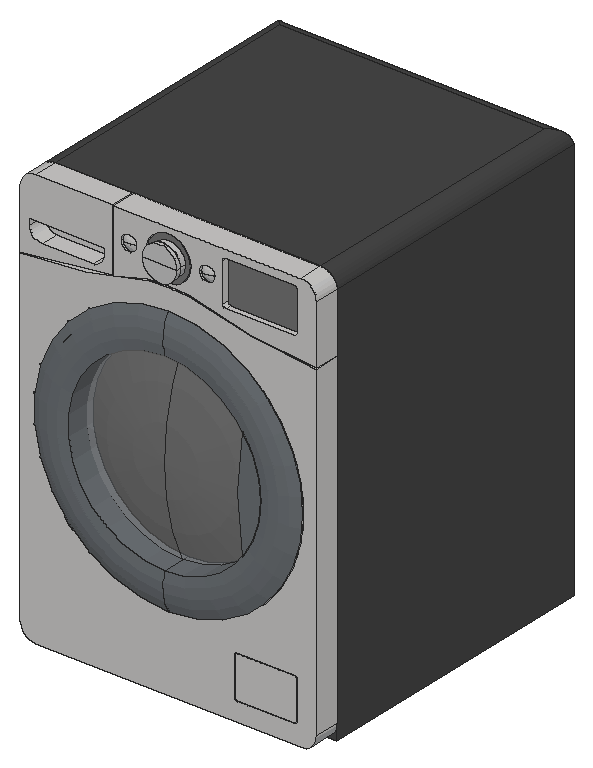
Revit family "M_Lavadora e secadora_combo", category Equipamento especial, Revit 2019
Family settings
  Cota do conector redondo = Utilizar diâmetro
  Tipo de parte = Normal
  Número OmniClass = 23.45.70.11.11
  Título OmniClass = Residential Laundry Equipment
  Com base no plano de trabalho = Não
  Sempre na vertical = Sim
  Corte com vazios quando carregada = Não
  Compartilhado = Não
  Ponto de cálculo do ambiente = Não
Parameters (values of type "600mm")
  Painel = Eletrodoméstico – Painel
  Janela da porta = Eletrodoméstico – Policarbonato
  Largura da porta = Largura / 2 - 5 mm  # 295 mm
  Largura = 600 mm
  Deslocamento de parede = 100 mm
  Voltagem = 120 V
  Mostrar legenda = yes
  Consumo de energia = 1200 VA
  Legenda = "Lavadora e secadora"
  Altura = 850 mm
  Moldura da porta = Eletrodoméstico – Moldura da porta
  Descrição = "Lavadora e secadora – combo"
  Linear = 650 mm
  Controles = Eletrodoméstico – Controles
  Código de montagem = "E1090320"
  Acabamento do eletrodoméstico = Eletrodoméstico – Aço inoxidável
  Corpo do eletrodoméstico = Eletrodoméstico – Aço – Preto
  Amperagem = Consumo de energia / Voltagem  # 10.0 A
Reference planes
  plane 1 "Parte posterior": y = 0
  plane 2: z = 0
  plane 3 "Centro (Esquerda/Direita)": x = 0
  plane 4 "Esquerda": x = -300
  plane 5 "Direita": x = 300
  plane 6: y = -100
  plane 7 "Parte frontal": y = -750
  plane 8 "Traseira da porta": y = -699.2
  plane 9 "Superior": z = 850
  plane 10: y = -1226.25
  plane 11 "Tambor CL": z = 425
  plane 12 "Ctrl": z = 792.207
  plane 13: y = -125.4
Forms (mm)
  Extrusion 1, solid, material "Eletrodoméstico – Aço – Preto" <- "Corpo do eletrodoméstico"
    sketch origin (0, 0, 0) x (1, 0, 0) y (0, 1, 0)
      loop
        line (-300, -100) -> (-300, -699.2) -> (300, -699.2) -> (300, -100) -> (-300, -100)
    from 0 to 850
  Extrusion 2, solid, material "Eletrodoméstico – Aço inoxidável" <- "Acabamento do eletrodoméstico"
    sketch origin (0, -750, 0) x (-1, 0, 0) y (0, 0, 1)
      loop
        line (268.25, 850) -> (-268.25, 850)
        arc (-268.25, 850) -> (-290.701, 840.701) -> (-300, 818.25) r 31.75
        line (-300, 818.25) -> (-300, 699.627)
        arc (-300, 699.627) -> (-169.353, 711.963) -> (-41.198, 740.194) r 1070.336
        arc (-41.198, 740.194) -> (0, 742.875) -> (41.198, 740.194) r 317.875
        arc (41.198, 740.194) -> (169.353, 711.963) -> (300, 699.627) r 1070.336
        line (300, 699.627) -> (300, 818.25)
        arc (300, 818.25) -> (290.701, 840.701) -> (268.25, 850) r 31.75
      loop
        line (300, 31.75) -> (300, 696.451)
        arc (300, 696.451) -> (168.962, 708.811) -> (40.421, 737.114) r 1073.511
        arc (40.421, 737.114) -> (0, 739.72) -> (-40.421, 737.114) r 314.72
        arc (-40.421, 737.114) -> (-168.962, 708.811) -> (-300, 696.451) r 1073.511
        line (-300, 696.451) -> (-300, 31.75)
        arc (-300, 31.75) -> (-290.701, 9.299) -> (-268.25, 0) r 31.75
        line (-268.25, 0) -> (268.25, 0)
        arc (268.25, 0) -> (290.701, 9.299) -> (300, 31.75) r 31.75
      loop
        circle (0, 425) r 254
      loop
        circle (79.375, 792.207) r 15.875
      loop
        circle (-79.375, 792.207) r 15.875
    from 0 to 50.8
  Revolve 3, solid, material "Eletrodoméstico – Moldura da porta" <- "Moldura da porta", detail levels medium+fine
    sketch origin (0, -108.65, 0) x (0, 1, 0) y (0, 0, 1)
      loop
        line (-590.55, 698.05) -> (-641.35, 698.05)
        arc (-641.35, 698.05) -> (-653.705, 659.916) -> (-651.53, 619.889) r 109.668
        line (-651.53, 619.889) -> (-590.55, 619.889) -> (-590.55, 698.05)
      axis (-590.55, 425) -> (-651.53, 425)
    angle from 0 to 360
  Revolve 4, solid, material "Eletrodoméstico – Policarbonato" <- "Janela da porta", detail levels medium+fine
    sketch origin (0, 0, 0) x (0, 1, 0) y (0, 0, 1)
      loop
        line (-699.2, 619.889) -> (-714.236, 619.889)
        arc (-714.236, 619.889) -> (-748.438, 525.1) -> (-760.044, 425) r 437.475
        line (-760.044, 425) -> (-699.2, 425) -> (-699.2, 619.889)
      axis (-699.2, 425) -> (-760.044, 425)
    angle from 0 to 360
  Sweep 5, void
    path origin (0, -750, 0) x (-1, 0, 0) y (0, 0, 1)
      loop
        line (-141.25, 127) -> (-255.55, 127)
        arc (-255.55, 127) -> (-260.04, 125.14) -> (-261.9, 120.65) r 6.35
        line (-261.9, 120.65) -> (-261.9, 44.45)
        arc (-261.9, 44.45) -> (-260.04, 39.96) -> (-255.55, 38.1) r 6.35
        line (-255.55, 38.1) -> (-141.25, 38.1)
        arc (-141.25, 38.1) -> (-136.76, 39.96) -> (-134.9, 44.45) r 6.35
        line (-134.9, 44.45) -> (-134.9, 120.65)
        arc (-134.9, 120.65) -> (-136.76, 125.14) -> (-141.25, 127) r 6.35
    profile origin (198.4, -750, 127) x (0, 0, -1) y (0, 1, 0)
      loop
        line (0, 0) -> (1.588, 0) -> (1.588, 13.494) -> (0, 13.494) -> (0, 0)
  Extrusion 6, void
    sketch origin (0, -750, 0) x (-1, 0, 0) y (0, 0, 1)
      loop
        line (280.95, 766.807) -> (128.55, 766.807) -> (128.55, 754.107)
        arc (128.55, 754.107) -> (135.989, 736.147) -> (153.95, 728.707) r 25.4
        line (153.95, 728.707) -> (255.55, 728.707)
        arc (255.55, 728.707) -> (273.511, 736.147) -> (280.95, 754.107) r 25.4
        line (280.95, 754.107) -> (280.95, 766.807)
    from 0 to 38.1
  Extrusion 7, void
    sketch origin (0, -750, 0) x (-1, 0, 0) y (0, 0, 1)
      loop
        line (111.652, 850) -> (110.064, 850) -> (110.064, 721.653) -> (111.652, 721.653) -> (111.652, 850)
    from 0 to 50.8
  Extrusion 8, void
    sketch origin (0, -750, 0) x (-1, 0, 0) y (0, 0, 1)
      loop
        arc (-115.85, 742.05) -> (-111.36, 743.91) -> (-109.5, 748.4) r 6.35
        line (-109.5, 748.4) -> (-109.5, 827.775)
        arc (-109.5, 827.775) -> (-111.36, 832.265) -> (-115.85, 834.125) r 6.35
        line (-115.85, 834.125) -> (-255.55, 834.125)
        arc (-255.55, 834.125) -> (-260.04, 832.265) -> (-261.9, 827.775) r 6.35
        line (-261.9, 827.775) -> (-261.9, 748.4)
        arc (-261.9, 748.4) -> (-260.04, 743.91) -> (-255.55, 742.05) r 6.35
        line (-255.55, 742.05) -> (-115.85, 742.05)
    from 0 to 12.7
  Revolve 9, solid, material "Eletrodoméstico – Controles" <- "Controles", detail levels fine
    sketch origin (0, 0, 792.207) x (-1, 0, 0) y (0, -1, 0)
      loop
        line (0, 743.65) -> (33.337, 743.65) -> (33.337, 761.57) -> (31.75, 761.57) -> (31.75, 764.745) -> (34.925, 764.745) -> (34.925, 771.095) -> (0, 771.095) -> (0, 743.65)
      axis (0, 743.65) -> (0, 771.095)
    angle from 0 to 360
  Revolve 10, solid, material "Eletrodoméstico – Controles" <- "Controles", detail levels fine
    sketch origin (0, 0, 792.207) x (-1, 0, 0) y (0, -1, 0)
      loop
        line (79.375, 746.006) -> (95.25, 746.006)
        arc (95.25, 746.006) -> (87.825, 750.462) -> (79.375, 752.356) r 27.181
        line (79.375, 752.356) -> (79.375, 746.006)
      axis (79.375, 752.356) -> (79.375, 746.006)
    angle from 0 to 360
  Revolve 11, solid, material "Eletrodoméstico – Controles" <- "Controles", detail levels fine
    sketch origin (0, 0, 792.207) x (-1, 0, 0) y (0, -1, 0)
      loop
        line (-79.375, 746.006) -> (-63.5, 746.006)
        arc (-63.5, 746.006) -> (-70.925, 750.462) -> (-79.375, 752.356) r 27.181
        line (-79.375, 752.356) -> (-79.375, 746.006)
      axis (-79.375, 752.356) -> (-79.375, 746.006)
    angle from 0 to 360
  Extrusion 12, solid, material "Eletrodoméstico – Moldura da porta" <- "Moldura da porta", detail levels fine
    sketch origin (0, -750, 0) x (-1, 0, 0) y (0, 0, 1)
      loop
        arc (-158.428, 538.499) -> (-194.889, 425) -> (-158.428, 311.501) r 194.889
        arc (-158.428, 311.501) -> (-149.569, 425) -> (-158.428, 538.499) r 731.456
    from -10.18 to -6.588
  Extrusion 13, solid, material "Eletrodoméstico – Painel" <- "Painel", detail levels fine
    sketch origin (0, -750, 34.282) x (-1, 0, 0) y (0, 0, 1)
      loop
        circle (0, 757.925) r 44.45
    from 0 to 50.8
  Sweep 14, void
    path in 3D
      loop
        line (300, -699.2, 850) -> (300, -100, 850) -> (-300, -100, 850) -> (-300, -699.2, 850)
    profile origin (-300, -399.6, 850) x (1, 0, 0) y (0, 0, 1)
      loop
        line (0, 0) -> (0, -31.75)
        arc (0, -31.75) -> (9.299, -9.299) -> (31.75, 0) r 31.75
        line (31.75, 0) -> (0, 0)
  Extrusion 15, solid, not visible, detail levels fine
    sketch origin (0, 0, 0) x (1, 0, 0) y (0, 0, 1)
      loop
        circle (190.463, 113.506) r 25.4
    from 100 to 125.4
  Extrusion 16, solid, not visible, detail levels fine
    sketch origin (0, 0, 0) x (1, 0, 0) y (0, 0, 1)
      loop
        circle (0, 490.881) r 25.4
    from 100 to 125.4
  Extrusion 17, solid, not visible, detail levels fine
    sketch origin (0, 0, 0) x (1, 0, 0) y (0, 0, 1)
      loop
        circle (-211.1, 724.588) r 25.4
    from 100 to 125.4
  Extrusion 18, solid, not visible, detail levels fine
    sketch origin (0, 0, 0) x (1, 0, 0) y (0, 0, 1)
      loop
        circle (-149.187, 724.588) r 25.4
    from 100 to 127
  Extrusion 19, void
    sketch origin (0, -750, 0) x (-1, 0, 0) y (0, 0, 1)
      loop
        circle (0, 792.207) r 44.45
    from 0 to 50.8
Cuts and joins
  Sweep 5, Extrusion 6, Extrusion 7, Extrusion 8, Extrusion 19 cuts Extrusion 2
  Sweep 14 cuts Extrusion 1
Lines and regions (mm)
  Split face 1
    outline origin (-300, -100, 0) x (1, 0, 0) y (0, 0, -1)
      loop
        circle (447.6, -662.675) r 50.8
  Masking region 1
    outline origin (0, 0, 730.25) x (-1, 0, 0) y (0, -1, 0)
      loop
        line (300, 100) -> (300, 750) -> (-300, 750) -> (-300, 100) -> (300, 100)
  symbolic lines, style "Eletrodomésticos"
    curve 1: line (-300, -750, 0) -> (-300, -100, 0)
    curve 2: line (300, -750, 0) -> (-300, -750, 0)
    curve 3: line (300, -100, 0) -> (300, -750, 0)
    curve 4: line (-300, -100, 0) -> (300, -100, 0)
  sketch lines
    curve 5: line (-300, -100, 850) -> (-300, -699.2, 850)
    curve 6: line (300, -100, 850) -> (-300, -100, 850)
    curve 7: line (300, -699.2, 850) -> (300, -100, 850)
  symbolic lines, style "Eletrodomésticos – Giro da planta", detail levels medium+fine
    curve 8: arc (-198.4, -1226.25, 730.25) -> (138.36, -1086.76, 730.25) -> (277.85, -750, 730.25) r 476.25
    curve 9: line (-268.25, -750, 730.25) -> (-268.25, -1226.25, 730.25)
    curve 10: line (-268.25, -1226.25, 730.25) -> (-198.4, -1226.25, 730.25)
Dimensions and locks
  equal spacing: plane 4 "Esquerda", plane 3 "Centro (Esquerda/Direita)", plane 5 "Direita"
  "Largura": plane 4 "Esquerda" to plane 5 "Direita"
  "Linear": plane 6 to plane 7 "Parte frontal"
  "Deslocamento de parede": plane 1 "Parte posterior" to plane 6
  locked: plane 8 "Traseira da porta" to plane 7 "Parte frontal" at 50.8
  locked: plane 5 "Direita" to Split face 1 sketch curve at 152.4
  equal spacing: plane 6, nested 1, plane 8 "Traseira da porta"
  locked: plane 7 "Parte frontal" to plane 10 at 476.25
  Sweep 5 sketch curve to Sweep 5 sketch curve = 88.9 mm
  plane 5 "Direita" to Extrusion 8 sketch curve to Extrusion 8 sketch curve = 38.1 mm locked, 152.4 mm
  Revolve 9 sketch curve to Revolve 9 sketch curve to Revolve 9 sketch curve to plane 3 "Centro (Esquerda/Direita)" = 1.588 mm locked, 1.587 mm locked, 31.75 mm locked
  Revolve 9 sketch curve to Revolve 9 sketch curve to Revolve 9 sketch curve to plane 7 "Parte frontal" to Revolve 9 sketch curve = 6.35 mm locked, 3.175 mm locked, 11.57 mm, 6.35 mm locked
  Extrusion 6 sketch curve to Extrusion 6 sketch curve to plane 4 "Esquerda" = 152.4 mm locked, 19.05 mm locked
  Extrusion 2 sketch curve to plane 3 "Centro (Esquerda/Direita)" to Extrusion 2 sketch curve = 79.375 mm locked, 79.375 mm locked
  locked: Revolve 10 sketch curve to plane 3 "Centro (Esquerda/Direita)" at 79.375
  locked: plane 3 "Centro (Esquerda/Direita)" to Revolve 11 sketch curve at 79.375
  plane 7 "Parte frontal" to Extrusion 12 to Extrusion 12 = 6.588 mm locked, 3.592 mm locked
  plane 4 "Esquerda" to curve 9 to curve 8 = 31.75 mm, 69.85 mm locked
  locked: plane 12 "Ctrl" to Extrusion 6 sketch curve at 25.4
  plane 5 "Direita" to Sweep 5 sketch curve to Sweep 5 sketch curve = 38.1 mm, 127 mm locked
  equal spacing: plane 9 "Superior", plane 11 "Tambor CL", plane 2
  "Altura": plane 9 "Superior" to plane 2
  locked: Extrusion 7 sketch curve to plane 11 "Tambor CL" at 296.653
  locked: plane 9 "Superior" to plane 12 "Ctrl" at 57.793
  locked: Revolve 3 sketch curve to Revolve 3 sketch curve at 78.161
  locked: Revolve 3 sketch curve to plane 11 "Tambor CL" at 194.889
  locked: Extrusion 2 sketch curve to Extrusion 2 sketch curve at 3.177  (x2)
  locked: Extrusion 2 sketch curve to plane 11 "Tambor CL" at 271.451  (x2)
  locked: plane 12 "Ctrl" to cut or joined group of Extrusion 2, Sweep 5, Extrusion 6, Extrusion 7, Extrusion 8, Extrusion 19 at 25.4
  locked: cut or joined group of Extrusion 2, Sweep 5, Extrusion 6, Extrusion 7, Extrusion 8, Extrusion 19 to cut or joined group of Extrusion 2, Sweep 5, Extrusion 6, Extrusion 7, Extrusion 8, Extrusion 19 at 38.1
  locked: plane 12 "Ctrl" to cut or joined group of Extrusion 2, Sweep 5, Extrusion 6, Extrusion 7, Extrusion 8, Extrusion 19 at 50.157
  locked: Extrusion 7 sketch curve to plane 4 "Esquerda" at 188.348
  locked: Extrusion 7 sketch curve to Extrusion 7 sketch curve at 1.587
  locked: plane 5 "Direita" to Extrusion 15 sketch curve at 109.538
  locked: plane 2 to Extrusion 15 sketch curve at 113.506
  locked: plane 11 "Tambor CL" to Extrusion 16 sketch curve at 65.881
  locked: Extrusion 17 sketch curve to plane 4 "Esquerda" at 88.9
  locked: Extrusion 17 sketch curve to plane 9 "Superior" at 125.413
  locked: Extrusion 18 sketch curve to plane 4 "Esquerda" at 150.813
  locked: Extrusion 18 sketch curve to plane 9 "Superior" at 125.413
  locked: plane 6 to plane 13 at 25.4
  locked: Revolve 4 sketch curve to plane 11 "Tambor CL" at 194.889
  radius of Extrusion 2 sketch curve = 31.75 mm  (x2)
  radius of Extrusion 15 sketch curve = 25.4 mm
  radius of Extrusion 16 sketch curve = 25.4 mm
  radius of Extrusion 17 sketch curve = 25.4 mm
  radius of Extrusion 18 sketch curve = 25.4 mm
  aligned and locked: plane 2 to level
  aligned and locked: Extrusion 1 sketch curve to plane 6
  aligned and locked: plane 4 "Esquerda" to Extrusion 1 sketch curve
  aligned and locked: plane 8 "Traseira da porta" to Extrusion 1 sketch curve
  aligned and locked: Extrusion 1 sketch curve to plane 5 "Direita"
  aligned and locked: plane 4 "Esquerda" to Extrusion 2 sketch curve  (x2)
  aligned and locked: Extrusion 2 sketch curve to plane 5 "Direita"
  aligned and locked: plane 3 "Centro (Esquerda/Direita)" to nested 1
  aligned and locked: plane 9 "Superior" to Extrusion 1
  aligned and locked: plane 8 "Traseira da porta" to Extrusion 2
  aligned and locked: plane 5 "Direita" to Extrusion 2 sketch curve
  aligned and locked: plane 11 "Tambor CL" to Extrusion 2 sketch curve  (x2)
  aligned and locked: Revolve 3 sketch curve to plane 11 "Tambor CL"
  aligned and locked: plane 8 "Traseira da porta" to Revolve 4 sketch curve
  aligned and locked: Revolve 4 sketch curve to plane 11 "Tambor CL"
  aligned and locked: Revolve 9 sketch curve to plane 3 "Centro (Esquerda/Direita)"
  aligned and locked: plane 9 "Superior" to Extrusion 7 sketch curve
  aligned and locked: Revolve 3 to Extrusion 12
  aligned and locked: plane 8 "Traseira da porta" to Extrusion 13
  aligned and locked: plane 4 "Esquerda" to Masking region 1 sketch curve
  aligned and locked: Masking region 1 sketch curve to plane 6
  aligned and locked: Masking region 1 sketch curve to plane 5 "Direita"
  aligned and locked: plane 7 "Parte frontal" to Masking region 1 sketch curve
  aligned and locked: Extrusion 1 to level
  aligned and locked: Extrusion 2 sketch curve to level
  aligned and locked: plane 9 "Superior" to Sweep 14 sketch curve
  aligned and locked: Sweep 14 sketch curve to plane 4 "Esquerda"
  aligned and locked: plane 12 "Ctrl" to Extrusion 2 sketch curve  (x2)
  aligned and locked: Extrusion 12 sketch curve to Revolve 3
  aligned and locked: plane 7 "Parte frontal" to curve 8
  aligned and locked: Extrusion 2 sketch curve to plane 9 "Superior"
  aligned and locked: Revolve 3 sketch curve to plane 8 "Traseira da porta"
  aligned and locked: plane 3 "Centro (Esquerda/Direita)" to Extrusion 16 sketch curve
  aligned and locked: Extrusion 17 to plane 13
  aligned and locked: Extrusion 16 to plane 13
  aligned and locked: Extrusion 15 to plane 13
  aligned and locked: plane 6 to Extrusion 17
  aligned and locked: plane 6 to Extrusion 18
  aligned and locked: plane 6 to Extrusion 16
  aligned and locked: plane 6 to Extrusion 15
  aligned and locked: Extrusion 19 sketch curve to Extrusion 13  (x2)
  aligned and locked: Extrusion 13 to plane 7 "Parte frontal"
  aligned and locked: Extrusion 19 to plane 7 "Parte frontal"
  aligned and locked: plane 8 "Traseira da porta" to Extrusion 19
Automatic sketch dimensions
  curve 1 to plane 4 "Esquerda" = 0 mm
  curve 2 to plane 5 "Direita" = 0 mm
  curve 1 to plane 7 "Parte frontal" = 0 mm
  curve 4 to plane 6 = 0 mm
  Split face 1 sketch curve to Extrusion 1 = 187.325 mm
  Revolve 3 sketch curve to plane 7 "Parte frontal" = 0 mm
  Revolve 3 sketch curve to plane 7 "Parte frontal" = 10.18 mm
  Revolve 3 sketch curve to plane 10 = 1170.641 mm
  Revolve 3 sketch curve to plane 1 "Parte posterior" = 2097.409 mm
  Sweep 5 sketch curve to Sweep 5 sketch curve = 6.35 mm  (x4)
  Sweep 5 sketch curve to profile plane = 0 mm
  Sweep 5 sketch curve to plane 7 "Parte frontal" = 0 mm
  Sweep 5 sketch curve to Sweep 5 sketch curve = 1.587 mm
  plane 7 "Parte frontal" to Sweep 5 sketch curve = 13.494 mm
  Extrusion 6 sketch curve to Extrusion 6 sketch curve = 25.4 mm  (x2)
  Extrusion 8 sketch curve to Extrusion 8 sketch curve = 6.35 mm  (x4)
  Extrusion 13 sketch curve to plane 3 "Centro (Esquerda/Direita)" = 0 mm
  Sweep 14 sketch curve to profile plane = 31.75 mm
  curve 9 to plane 7 "Parte frontal" = 0 mm
  curve 9 to plane 10 = 0 mm
  Revolve 3 sketch curve to Revolve 3 sketch curve = 25.862 mm
  Revolve 9 sketch curve to plane 3 "Centro (Esquerda/Direita)" = 0 mm
  Revolve 9 sketch curve to plane 1 "Parte posterior" = 1524 mm
  Revolve 9 sketch curve to plane 10 = 139.7 mm
  Revolve 10 sketch curve to plane 7 "Parte frontal" = 2.356 mm
  Revolve 10 sketch curve to Revolve 10 sketch curve = 0 mm
  Revolve 10 sketch curve to Revolve 10 sketch curve = 1.645 mm
  plane 7 "Parte frontal" to Revolve 10 sketch curve = 3.994 mm
  Revolve 10 sketch curve to Revolve 10 sketch curve = 15.875 mm
  plane 8 "Traseira da porta" to Revolve 10 sketch curve = 27.835 mm
  Revolve 10 sketch curve to Revolve 10 sketch curve = 52.359 mm
  Revolve 11 sketch curve to plane 7 "Parte frontal" = 2.356 mm
  Revolve 11 sketch curve to Revolve 11 sketch curve = 0 mm
  Revolve 11 sketch curve to Revolve 11 sketch curve = 1.645 mm
  plane 7 "Parte frontal" to Revolve 11 sketch curve = 3.994 mm
  Revolve 11 sketch curve to Revolve 11 sketch curve = 15.875 mm
  plane 8 "Traseira da porta" to Revolve 11 sketch curve = 27.835 mm
  Revolve 11 sketch curve to Revolve 11 sketch curve = 52.359 mm
  Extrusion 6 sketch curve to plane 12 "Ctrl" = 38.1 mm
  plane 12 "Ctrl" to Extrusion 8 sketch curve = 35.568 mm
  Extrusion 13 sketch curve to plane 12 "Ctrl" = 0 mm
  Extrusion 8 sketch curve to plane 12 "Ctrl" = 43.807 mm
  Extrusion 12 sketch curve to plane 11 "Tambor CL" = 0 mm
  plane 5 "Direita" to Extrusion 12 sketch curve = 581.025 mm
  plane 11 "Tambor CL" to Extrusion 12 sketch curve = 113.499 mm
  Extrusion 2 sketch curve to Extrusion 2 sketch curve = 0 mm  (x8)
  Extrusion 2 sketch curve to plane 3 "Centro (Esquerda/Direita)" = 0 mm
  plane 5 "Direita" to Extrusion 2 sketch curve = 35.101 mm
  Extrusion 2 sketch curve to Extrusion 2 sketch curve = 31.75 mm
  plane 4 "Esquerda" to Extrusion 2 sketch curve = 31.75 mm
  Extrusion 2 sketch curve to plane 4 "Esquerda" = 35.101 mm
  Extrusion 2 sketch curve to Extrusion 2 sketch curve = 919.388 mm
  plane 3 "Centro (Esquerda/Direita)" to Extrusion 2 sketch curve = 41.198 mm
  Extrusion 2 sketch curve to Extrusion 2 sketch curve = 0.777 mm
  Revolve 4 sketch curve to plane 11 "Tambor CL" = 0 mm
  Revolve 4 sketch curve to plane 8 "Traseira da porta" = 15.036 mm
  Revolve 4 sketch curve to plane 7 "Parte frontal" = 10.044 mm
  Revolve 4 sketch curve to plane 10 = 1170.641 mm
  Revolve 4 sketch curve to plane 1 "Parte posterior" = 2097.409 mm
  radius of Split face 1 sketch curve = 50.8 mm
  radius of Extrusion 13 sketch curve = 44.45 mm
  radius of Extrusion 2 sketch curve = 254 mm
  radius of Extrusion 2 sketch curve = 15.875 mm  (x2)
Nested families
  nested 1: "Anotação de legenda de 2,5" at (0, -399.6, 0), visible <- "Mostrar legenda", type "Anotação de legenda de 2,5"
Connectors
  electrical at (147.6, -100, 662.675), driven by "Voltagem", driven by "Consumo de energia"
    settings: on Extrusion 1, index 1, voltage 120 V, apparent load 1200 VA, apparent load phase1 0 VA, apparent load phase2 0 VA, apparent load phase3 0 VA, power factor 1, load classification "Eletrodoméstico", number of poles 1, system type 30, power factor state 1, is connector primary yes, connector utility no, sub classification motor no, connector description "Potência da lavadora"
  hvac at (190.463, -100, 113.506)
    settings: on Extrusion 15, index 2, duct flow 0.0 L/s, flow factor 0, pres drop 0.0 Pa, loss coef 0, conn angle 0.00°, conn width 304.8 mm, conn height 304.8 mm, conn diameter 152.4 mm, duct sys type 3, conn prof type 0, flow config 1, flow direction 2, loss method 0, conn ref index -1, conn util no, is conn primary yes, conn desc "Ventilação da secadora"
  piping at (-149.187, -100, 724.588), diameter 19.05
    settings: on Extrusion 18, index 3, connector inside diameter 609.6 mm, connector length 0 mm, flow factor 0, pipe flow 0.0 L/s, pressure drop 0.0 Pa, fitting loss kfactor 0, connector angle 0.00°, fixture units 1, engagement length 0 mm, angle of deflection 0.00°, flow configuration 3, flow direction 1, fitting loss method 0, system type 20, joint type 0, gender type 0, connector reference index -1, connector utility 0, adjustable connector no, is connector primary yes, connector description "Suprimento de água da lavadora – Fria"
  piping at (-211.1, -100, 724.588), diameter 19.05
    settings: on Extrusion 17, index 4, connector inside diameter 609.6 mm, connector length 0 mm, flow factor 0, pipe flow 0.0 L/s, pressure drop 0.0 Pa, fitting loss kfactor 0, connector angle 0.00°, fixture units 1, engagement length 0 mm, angle of deflection 0.00°, flow configuration 3, flow direction 1, fitting loss method 0, system type 19, joint type 0, gender type 0, connector reference index -1, connector utility 0, adjustable connector no, is connector primary no, connector description "Suprimento de água da lavadora – Quente"
  piping at (0, -100, 490.881), diameter 25.4
    settings: on Extrusion 16, index 5, connector inside diameter 609.6 mm, connector length 0 mm, flow factor 0, pipe flow 0.0 L/s, pressure drop 0.0 Pa, fitting loss kfactor 0, connector angle 0.00°, fixture units 1, engagement length 0 mm, angle of deflection 0.00°, flow configuration 3, flow direction 2, fitting loss method 0, system type 16, joint type 0, gender type 0, connector reference index -1, connector utility 0, adjustable connector yes, is connector primary no, connector description "Dreno da lavadora"
Definition of nested family "Anotação de legenda de 2,5"
  Parameters
    Legenda = "Congelador 36 LH"
  Reference planes
    plane 1: y = 0
    plane 2: x = 0
  Text (mm)
    label "Legenda" at (0.095, -0.088, 0), shows "Legenda"
